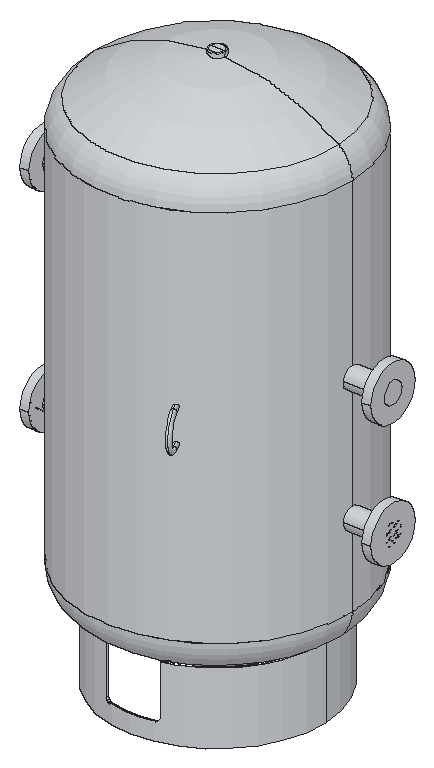
Revit family "HWBT-200-2-2-125 and 150", category Mechanical Equipment, Revit 2014
Parameters (values of type "HWBT-200-2-2-125 and 150")
  Tank Weight = "489 lbs @ 125, 538 lbs @ 150"
  Tank Volume = "200 Gal"
  Tank Height = "62 1/2\""
  Tank Diameter = "30\""
  Note = "All dimensions and weights are approximate"
  Maximum Acceptance Volume = "N/A"
  Max Operating Temp = "450° F"
  Max Operating Pressure = "125psi, or 150psi (depending on model)"
  Connector Size = "2\""
Reference planes (in)
  plane 1 "Center (Front/Back)": y = 0
  plane 2: z = 0
  plane 3 "Center (Left/Right)": x = 0
Forms (in)
  Extrusion 1, solid
    sketch origin (0, 0, 0) x (1, 0, 0) y (0, 1, 0)
      loop
        circle (0, 0) r 12
      loop
        circle (0, 0) r 11.8125
    from 0 to 8
  Extrusion 2, void
    sketch origin (0, 0, 0) x (1, 0, 0) y (0, 0, 1)
      loop
        line (-3, 8) -> (-3, 2.5)
        arc (-3, 2.5) -> (-2.85355, 2.14645) -> (-2.5, 2) r 0.5
        line (-2.5, 2) -> (2.5, 2)
        arc (2.5, 2) -> (2.85355, 2.14645) -> (3, 2.5) r 0.5
        line (3, 2.5) -> (3, 9) -> (-3, 9) -> (-3, 8)
    from 0 to 15
  Sweep 3, solid
    path origin (-1.4721, 2.49238, -12.95065) x (0.434898, -0.90048, 0) y (0, 0, 1)
      loop
        line (17.83546, 48.42089) -> (18.83546, 48.42089)
        arc (18.83546, 48.42089) -> (20.71046, 46.54589) -> (18.83546, 44.67089) r 1.875
        line (18.83546, 44.67089) -> (17.83546, 44.67089)
    profile origin (6.50194, -14.01833, 35.47024) x (0, 0, 1) y (-0.90048, -0.434898, 0)
      loop
        circle (0, 0) r 0.25
  Revolve 4, solid
    sketch origin (0, 0, 0) x (1, 0, 0) y (0, 0, 1)
      loop
        line (0, 62.94192) -> (-0.80591, 62.94192)
        arc (-0.80591, 62.94192) -> (-0.85014, 62.9236) -> (-0.86845, 62.87938) r 0.06254
        line (-0.86845, 62.87938) -> (-0.88433, 62.42476)
        arc (-0.88433, 62.42476) -> (-7.51355, 61.16163) -> (-13.4779, 58.00431) r 22.686
        arc (-13.4779, 58.00431) -> (-14.59792, 56.67722) -> (-15, 54.98786) r 3.75
        line (-15, 54.98786) -> (-15, 12.13614)
        arc (-15, 12.13614) -> (-14.59792, 10.44678) -> (-13.4779, 9.11969) r 3.75
        arc (-13.4779, 9.11969) -> (-7.51355, 5.96237) -> (-0.88433, 4.69924) r 22.686
        line (-0.88433, 4.69924) -> (-0.86845, 4.24462)
        arc (-0.86845, 4.24462) -> (-0.85014, 4.2004) -> (-0.80591, 4.18208) r 0.06254
        line (-0.80591, 4.18208) -> (0, 4.18208) -> (0, 62.94192)
      axis (0, 62.94192) -> (0, 4.18208)
    angle from 0 to 360
  Extrusion 5, solid
    sketch origin (0, 0, 0) x (0, 1, 0) y (0, 0, 1)
      loop
        circle (0, 21.5) r 1.19
      loop
        circle (0, 35.5) r 1.19
    from 0 to 19.5
  Extrusion 6, solid
    sketch origin (0, 0, 0) x (0, 1, 0) y (0, 0, 1)
      loop
        circle (0, 21.5) r 1.19
      loop
        circle (0, 45.5) r 1.19
    from 0 to -19.5
  Extrusion 7, solid
    sketch origin (0, 0, 0) x (0, 1, 0) y (0, 0, 1)
      loop
        circle (0, 21.5) r 3
      loop
        circle (0, 35.5) r 3
    from 18.5 to 19.5
  Extrusion 8, solid
    sketch origin (0, 0, 0) x (0, 1, 0) y (0, 0, 1)
      loop
        circle (0, 21.5) r 3
      loop
        circle (0, 45.5) r 3
    from -18.5 to -19.5
Cuts and joins
  Extrusion 2 cuts Extrusion 1
Dimensions and locks (in)
  aligned and locked: level to plane 2
